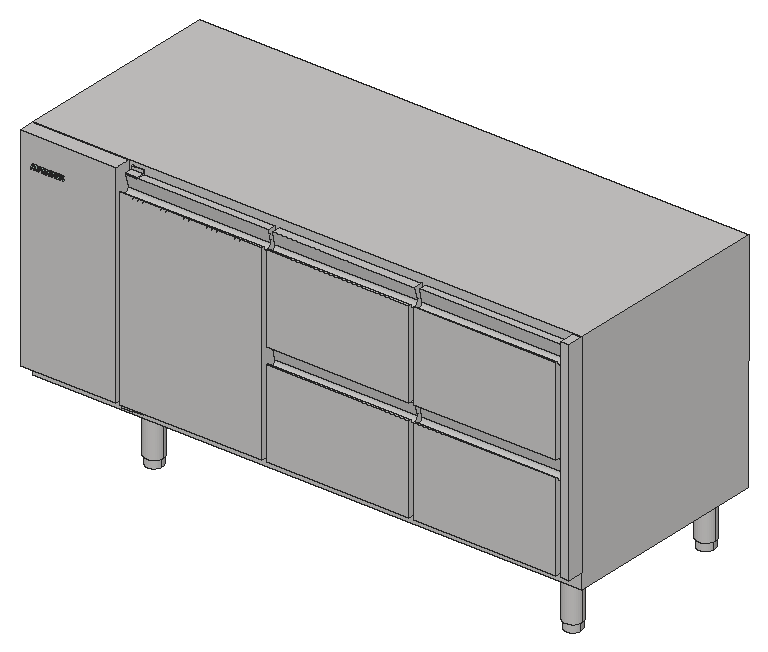
Revit family "QF_ALPENINOX_721060_AK3R7ABB", category Attrezzature speciali, Revit 2018
Family settings
  Quota connettore circolare = Usa diametro
  Tipo di parte = Normale
  Basato su piano di lavoro = No
  Sempre verticale = Sì
  Taglio con vuoti quando caricato = No
  Condiviso = No
  Punto di calcolo locali = No
Parameters (values of type "Standard")
  Weight = 114.00 kg
  Watts = 220 W
  Volts = 220 V
  URL Manufacturer = "http://www.alpeninox.com"
  URL = "http://www.alpeninox.com"
  Steam Supply Size = 0 mm
  Steam Supply Minimum Pressure = 0.0 Pa
  Steam Supply Maximum Pressure = 0.0 Pa
  Steam Consumption per Hour = 0
  Refrigeration Suction Line Size = 0 mm
  Refrigeration Liquid Line Size = 0 mm
  Refrigerant Compressor Remote = yes
  Produttore = "Alpeninox"
  Phase = 1
  Modello = "AK3R7ABB"
  Length Actual = 1695 mm  # constant formula
  Item Number = "721060"
  Hot Water Size = 0 mm
  Height Actual = 850 mm  # constant formula
  HP = "0.3 HP"
  Gas Size = 0 mm
  Gas KW = 0
  Gas Input Pressure = 0 W
  Direct Waste Size = 0 mm
  Descrizione = "1-DOOR AND 4X1/2-DRAWER REFRIGERATED COUNTER, -2+10°C, FULL AISI 304 (R290), WITHOUT WORK TOP"
  Depth Actual = 700 mm  # constant formula
  Cycle = 50 Hz
  Condensate Return Size = 0 mm
  Compressed Air Volume = 0.0 L/s
  Compressed Air Size = 0 mm
  Compressed Air Pressure = 0.0 Pa
  Cold Water Size = 0 mm
  Accessory = yes
Values of the unnamed type that differ from the named types
  Weight = 0.00 kg
  Watts = 0 W
  Volts = 0 V
  URL Manufacturer = ""
  Item Number = ""
  HP = ""
  Cycle = 0 Hz
Reference planes
  plane 1: z = 0
  plane 2 "Center (Left/Right)": x = -126.5
  plane 3 "Center (Front/Back)": y = 64.5
  plane 4 "FEET": z = 150
  plane 5 "TOP": z = 900
  plane 6 "PLAIN": z = 850
  plane 7 "EI_back": y = 103
  plane 8 "EI_left": x = -913
  plane 9 "BACK": y = 412
  plane 10 "FRONT": y = -283
  plane 11 "DOOR": y = -233
  plane 12 "LEFT": x = -974
  plane 13 "RIGHT": x = 721
  plane 14: x = -949
  plane 15: x = 696
Forms (mm)
  Extrusion 1, solid, material "QF_Finishes_Stainless Steel"
    sketch origin (-1022.223, -1524, 150) x (-1, 0, 0) y (0, -1, 0)
      loop
        circle (-109.223, -1627) r 5
    from 0 to -40
  Extrusion 2, solid, material "QF_Finishes_Stainless Steel"
    sketch origin (-1022.223, -1524, 150) x (-1, 0, 0) y (0, -1, 0)
      loop
        line (-1718.223, -1291) -> (-1718.223, -1241) -> (-1743.223, -1241) -> (-1743.223, -1291) -> (-1718.223, -1291)
    from 48 to 700
  Extrusion 3, solid, material "QF_Finishes_Stainless Steel"
    sketch origin (-1022.223, -1524, 150) x (-1, 0, 0) y (0, -1, 0)
      loop
        line (-48.223, -1936) -> (-48.223, -1291) -> (-1743.223, -1291) -> (-1743.223, -1936) -> (-48.223, -1936)
    from 0 to 700
Lines and regions (mm)
  symbolic lines, style "SpecialityEquipmentHiddenLines"
    curve 1: line (-974, 412, 150) -> (721, 412, 150)
    curve 2: line (-974, -283, 150) -> (-974, 412, 150)
    curve 3: line (721, -283, 150) -> (-974, -283, 150)
    curve 4: line (721, 412, 150) -> (721, -283, 150)
    curve 5: line (-974, -233, 150) -> (721, -233, 150)
    curve 6: line (696, -283, 150) -> (696, -233, 150)
Dimensions and locks
  plane 4 "FEET" to level = 150 mm
  plane 11 "DOOR" to plane 10 "FRONT" = 50 mm
  plane 6 "PLAIN" to plane 4 "FEET" = 700 mm
  plane 5 "TOP" to plane 6 "PLAIN" = 50 mm
  plane 12 "LEFT" to plane 14 = 25 mm
  plane 15 to plane 13 "RIGHT" = 25 mm
  plane 9 "BACK" to plane 7 "EI_back" = 309 mm
  plane 12 "LEFT" to plane 8 "EI_left" = 61 mm
  plane 12 "LEFT" to plane 13 "RIGHT" = 1695 mm
  equal spacing: plane 12 "LEFT", plane 2 "Center (Left/Right)", plane 13 "RIGHT"
  plane 9 "BACK" to plane 10 "FRONT" = 695 mm
  equal spacing: plane 9 "BACK", plane 3 "Center (Front/Back)", plane 10 "FRONT"
  aligned and locked: level to plane 1
  aligned and locked: plane 13 "RIGHT" to Extrusion 2
  aligned and locked: Extrusion 2 to plane 15
Automatic sketch dimensions
  Extrusion 1 sketch curve to plane 7 "EI_back" = 0 mm
  Extrusion 1 sketch curve to plane 8 "EI_left" = 0 mm
  Extrusion 2 sketch curve to plane 11 "DOOR" = 0 mm
  Extrusion 2 sketch curve to plane 13 "RIGHT" = 0 mm
  Extrusion 2 sketch curve to plane 10 "FRONT" = 0 mm
  Extrusion 2 sketch curve to plane 15 = 0 mm
  Extrusion 3 sketch curve to plane 9 "BACK" = 0 mm
  Extrusion 3 sketch curve to plane 13 "RIGHT" = 0 mm
  Extrusion 3 sketch curve to plane 11 "DOOR" = 0 mm
  Extrusion 3 sketch curve to plane 12 "LEFT" = 0 mm
  curve 1 to plane 13 "RIGHT" = 0 mm
  curve 6 to plane 10 "FRONT" = 0 mm
  curve 6 to plane 15 = 0 mm
  curve 5 to plane 12 "LEFT" = 0 mm
  curve 6 to plane 11 "DOOR" = 0 mm
  curve 1 to plane 9 "BACK" = 0 mm
  radius of Extrusion 1 sketch curve = 5 mm
Nested families
  nested 1: "HPC_Refrigerator" at (721, -283, 0), type "HPC_Refrigerator"
  nested 2: "HPC_FEET" at (-640, 331, 0), type "HPC_FEET"
  nested 3: "HPC_FEET" at (655, 331, 0), type "HPC_FEET"
  nested 4: "HPC_FEET" at (-640, -183, 0), type "HPC_FEET"
  nested 5: "HPC_FEET" at (655, -183, 0), type "HPC_FEET"
  nested 6: "HPC_APX_BI_TN_L" at (-767.08, -233, 598) x (1, 0, 0) z (0, -1, 0), type "HPC_APX_BI_TN_L"
    with Show Logo yes
  nested 7: "HPC_APX_SD_L" at (-446, -233, 512) x (1, 0, 0) z (0, -1, 0), type "HPC_APX_SD_L"
    with Show Clearance yes
  nested 8: "HPC_APX_HALF" at (8, -233, 512) x (1, 0, 0) z (0, -1, 0), type "HPC_APX_HALF"
    with Show Clearance yes
  nested 9: "HPC_APX_HALF" at (462, -233, 512) x (1, 0, 0) z (0, -1, 0), type "HPC_APX_HALF"
    with Show Clearance yes
Connectors
  electrical at (-913, 103, 110), driven by "Volts"
    settings: on Extrusion 1, index 1, voltage 220 V, apparent load 0 VA, apparent load phase1 0 VA, apparent load phase2 0 VA, apparent load phase3 0 VA, power factor 1, load classification "Other", number of poles 1, system type 31, power factor state 1, is connector primary yes, connector utility no, sub classification motor no, connector description "Electrical Connection"
Definition of nested family "HPC_FEET"
  Parameters
    FEET = 150 mm
  Reference planes
    plane 1 "Center (Front/Back)": y = 0
    plane 2: z = 0
    plane 3 "Center (Left/Right)": x = 0
    plane 4: z = 150
  Forms (mm)
    Revolve 1, solid
      sketch origin (255.05, 0, 608.09) x (0, 0, 1) y (-1, 0, 0)
        loop
          line (-608.09, 255.05) -> (-608.09, 230.05) -> (-583.09, 230.05) -> (-583.09, 226.05) -> (-458.09, 226.05) -> (-458.09, 255.05) -> (-608.09, 255.05)
        axis (-608.09, 255.05) -> (-458.09, 255.05)
      angle from 0 to 360
  Dimensions and locks
    locked: Revolve 1 sketch curve to Revolve 1 sketch curve at 125
    "FEET": plane 4 to plane 2
    aligned and locked: level to plane 2
    aligned and locked: plane 4 to Revolve 1 sketch curve
    aligned and locked: Revolve 1 sketch curve to level
    aligned and locked: plane 3 "Center (Left/Right)" to Revolve 1 sketch curve
  Automatic sketch dimensions
    Revolve 1 sketch curve to plane 3 "Center (Left/Right)" = 0 mm
    Revolve 1 sketch curve to Revolve 1 sketch curve = 25 mm
    Revolve 1 sketch curve to Revolve 1 sketch curve = 29 mm
    plane 4 to Revolve 1 sketch curve = 50 mm
    Revolve 1 sketch curve to Revolve 1 sketch curve = 20 mm
Definition of nested family "HPC_APX_BI_TN_L"
  Parameters
    Show Logo [instance] = yes
    Default Elevation = 1219.2 mm
  Reference planes
    plane 1 "Center (Front/Back)": y = -74
    plane 2: z = 0
    plane 3 "Center (Left/Right)": x = -59.92
    plane 4: x = -206.92
    plane 5: x = 87.08
    plane 6: y = 252
    plane 7: y = -400
  Forms (mm)
    Extrusion 1, solid
      sketch origin (0, 0, 0) x (1, 0, 0) y (0, 1, 0)
        loop
          line (-1219.2, 1219.2) -> (-1219.2, -1219.2) -> (1219.2, -1219.2) -> (1219.2, 1219.2) -> (-1219.2, 1219.2)
      from 0 to -304.8
    Extrusion 2, solid
      sketch origin (0, 0, 0) x (1, 0, 0) y (0, 1, 0)
        loop
          line (-206.92, 252) -> (-206.92, -400) -> (87.08, -400) -> (87.08, 252) -> (-206.92, 252)
      from 0 to 50
    Extrusion 3, solid
      sketch origin (0, 0, 0) x (1, 0, 0) y (0, 1, 0)
        loop
          line (-168.675, 170.349) -> (-172.411, 160.318)
          arc (-172.411, 160.318) -> (-171.624, 158.497) -> (-169.837, 159.36) r 1.374
          line (-169.837, 159.36) -> (-169.268, 161.111) -> (-164.1, 161.111) -> (-163.54, 159.379)
          arc (-163.54, 159.379) -> (-161.802, 158.542) -> (-161.049, 160.318) r 1.333
          line (-161.049, 160.318) -> (-164.694, 170.349)
          arc (-164.694, 170.349) -> (-166.685, 171.876) -> (-168.675, 170.349) r 2.06
        loop
          line (-166.681, 169.055) -> (-168.469, 163.655) -> (-164.935, 163.655) -> (-166.681, 169.055)
        loop
          arc (-159.705, 160.042) -> (-159.262, 158.973) -> (-158.194, 158.531) r 1.512
          line (-158.194, 158.531) -> (-153.608, 158.531)
          arc (-153.608, 158.531) -> (-152.337, 159.802) -> (-153.608, 161.074) r 1.272
          line (-153.608, 161.074) -> (-156.917, 161.074) -> (-156.917, 170.328)
          arc (-156.917, 170.328) -> (-158.311, 171.722) -> (-159.705, 170.328) r 1.394
          line (-159.705, 170.328) -> (-159.705, 160.042)
        loop
          line (-151.076, 170.218) -> (-151.076, 159.859)
          arc (-151.076, 159.859) -> (-149.683, 158.466) -> (-148.29, 159.859) r 1.393
          line (-148.29, 159.859) -> (-148.29, 162.882) -> (-146.225, 162.882)
          arc (-146.225, 162.882) -> (-142.999, 163.859) -> (-141.608, 166.928) r 4.082
          arc (-141.608, 166.928) -> (-142.993, 170.272) -> (-146.336, 171.657) r 4.728
          line (-146.336, 171.657) -> (-149.638, 171.657)
          arc (-149.638, 171.657) -> (-150.655, 171.235) -> (-151.076, 170.218) r 1.439
        loop
          line (-148.29, 165.313) -> (-146.388, 165.313)
          arc (-146.388, 165.313) -> (-144.433, 167.268) -> (-146.388, 169.222) r 1.955
          line (-146.388, 169.222) -> (-148.29, 169.222) -> (-148.29, 165.313)
        loop
          arc (-131.184, 166.332) -> (-132.004, 168.2) -> (-133.767, 169.228) r 3.3
          arc (-133.767, 169.228) -> (-136.353, 168.661) -> (-137.611, 166.332) r 3.176
          line (-137.611, 166.332) -> (-131.184, 166.332)
        loop
          line (-137.538, 163.743) -> (-130.544, 163.743)
          arc (-130.544, 163.743) -> (-129.292, 163.916) -> (-128.301, 164.701) r 2.4
          arc (-128.301, 164.701) -> (-128.155, 165.545) -> (-128.212, 166.399) r 3.635
          arc (-128.212, 166.399) -> (-130.364, 170.162) -> (-134.39, 171.769) r 6.579
          arc (-134.39, 171.769) -> (-138.918, 169.706) -> (-140.661, 165.044) r 6.501
          arc (-140.661, 165.044) -> (-139.276, 160.789) -> (-135.401, 158.549) r 6.252
          arc (-135.401, 158.549) -> (-132.922, 158.526) -> (-130.544, 159.232) r 8.361
          arc (-130.544, 159.232) -> (-129.466, 159.781) -> (-128.641, 160.666) r 3.486
          arc (-128.641, 160.666) -> (-128.419, 161.592) -> (-128.828, 162.451) r 1.425
          arc (-128.828, 162.451) -> (-129.368, 162.762) -> (-129.99, 162.762) r 1.203
          arc (-129.99, 162.762) -> (-130.406, 162.59) -> (-130.764, 162.316) r 1.724
          arc (-130.764, 162.316) -> (-131.666, 161.705) -> (-132.646, 161.229) r 7.6
          arc (-132.646, 161.229) -> (-135.676, 161.35) -> (-137.538, 163.743) r 3.6
        loop
          line (-126.669, 170.328) -> (-126.669, 159.859)
          arc (-126.669, 159.859) -> (-125.273, 158.463) -> (-123.878, 159.859) r 1.396
          line (-123.878, 159.859) -> (-123.878, 166.785) -> (-117.946, 159.029)
          arc (-117.946, 159.029) -> (-116.361, 158.51) -> (-115.379, 159.859) r 1.417
          line (-115.379, 159.859) -> (-115.379, 170.328)
          arc (-115.379, 170.328) -> (-116.774, 171.723) -> (-118.169, 170.328) r 1.395
          line (-118.169, 170.328) -> (-118.169, 163.311) -> (-124.101, 171.157)
          arc (-124.101, 171.157) -> (-125.687, 171.678) -> (-126.669, 170.328) r 1.418
        loop
          arc (-113.636, 159.859) -> (-112.241, 158.464) -> (-110.847, 159.859) r 1.394
          line (-110.847, 159.859) -> (-110.847, 170.328)
          arc (-110.847, 170.328) -> (-112.241, 171.723) -> (-113.636, 170.328) r 1.394
          line (-113.636, 170.328) -> (-113.636, 159.859)
        loop
          line (-109.102, 170.328) -> (-109.102, 159.859)
          arc (-109.102, 159.859) -> (-107.706, 158.463) -> (-106.31, 159.859) r 1.396
          line (-106.31, 159.859) -> (-106.31, 166.785) -> (-100.378, 159.029)
          arc (-100.378, 159.029) -> (-98.793, 158.51) -> (-97.812, 159.859) r 1.417
          line (-97.812, 159.859) -> (-97.812, 170.328)
          arc (-97.812, 170.328) -> (-99.207, 171.723) -> (-100.602, 170.328) r 1.395
          line (-100.602, 170.328) -> (-100.602, 163.311) -> (-106.533, 171.157)
          arc (-106.533, 171.157) -> (-108.119, 171.678) -> (-109.102, 170.328) r 1.418
        loop
          arc (-96.345, 165.093) -> (-95.619, 161.877) -> (-93.467, 159.379) r 6.806
          arc (-93.467, 159.379) -> (-91.792, 158.566) -> (-89.948, 158.31) r 5.956
          arc (-89.948, 158.31) -> (-88.104, 158.566) -> (-86.43, 159.379) r 5.956
          arc (-86.43, 159.379) -> (-84.277, 161.877) -> (-83.551, 165.093) r 6.806
          arc (-83.551, 165.093) -> (-84.277, 168.31) -> (-86.43, 170.808) r 6.806
          arc (-86.43, 170.808) -> (-88.104, 171.621) -> (-89.948, 171.877) r 5.956
          arc (-89.948, 171.877) -> (-91.792, 171.621) -> (-93.467, 170.808) r 5.956
          arc (-93.467, 170.808) -> (-95.619, 168.31) -> (-96.345, 165.093) r 6.806
        loop
          arc (-93.425, 165.093) -> (-93.138, 163.212) -> (-92.081, 161.629) r 4.387
          arc (-92.081, 161.629) -> (-91.087, 161.049) -> (-89.948, 160.881) r 3.035
          arc (-89.948, 160.881) -> (-88.809, 161.049) -> (-87.815, 161.629) r 3.035
          arc (-87.815, 161.629) -> (-86.759, 163.212) -> (-86.472, 165.093) r 4.387
          arc (-86.472, 165.093) -> (-86.759, 166.975) -> (-87.815, 168.558) r 4.387
          arc (-87.815, 168.558) -> (-88.809, 169.138) -> (-89.948, 169.306) r 3.035
          arc (-89.948, 169.306) -> (-91.087, 169.138) -> (-92.081, 168.558) r 3.035
          arc (-92.081, 168.558) -> (-93.138, 166.975) -> (-93.425, 165.093) r 4.387
        loop
          line (-83.139, 169.609) -> (-80.126, 165.552) -> (-83.81, 160.652)
          arc (-83.81, 160.652) -> (-83.512, 158.692) -> (-81.559, 159.029) r 1.388
          line (-81.559, 159.029) -> (-78.51, 163.232) -> (-75.461, 159.029)
          arc (-75.461, 159.029) -> (-73.507, 158.692) -> (-73.21, 160.652) r 1.388
          line (-73.21, 160.652) -> (-76.894, 165.552) -> (-73.881, 169.609)
          arc (-73.881, 169.609) -> (-74.249, 171.597) -> (-76.205, 171.084) r 1.38
          line (-76.205, 171.084) -> (-78.51, 167.841) -> (-80.815, 171.084)
          arc (-80.815, 171.084) -> (-82.771, 171.597) -> (-83.139, 169.609) r 1.38
      from 50 to 51.6
  Lines and regions (mm)
    Split face 1
      outline origin (0, 0, 50) x (1, 0, 0) y (0, 1, 0)
        loop
          line (87.08, 183) -> (-172.92, 183)
          arc (-172.92, 183) -> (-190.42, 165.5) -> (-172.92, 148) r 17.5
          line (-172.92, 148) -> (87.08, 148)
    Split face 2
      outline origin (-38, 0, 50) x (1, 0, 0) y (0, 1, 0)
        loop
          line (-5.42, 177) -> (-5.42, 154) -> (64.58, 154) -> (64.58, 177) -> (-5.42, 177)
    Split face 3
      outline origin (-38, 0, 50) x (1, 0, 0) y (0, 1, 0)
        loop
          line (44.58, 174) -> (44.58, 157) -> (61.58, 157) -> (61.58, 174) -> (44.58, 174)
    Split face 4
      outline origin (0, 0, 50) x (1, 0, 0) y (0, 1, 0)
        loop
          line (-206.92, 188) -> (87.08, 188)
    Split face 5
      outline origin (0, 0, 50) x (1, 0, 0) y (0, 1, 0)
        loop
          arc (-163.464, 131.824) -> (-167.464, 127.824) -> (-163.464, 123.824) r 4
          line (-163.464, 123.824) -> (-121.464, 123.824)
          arc (-121.464, 123.824) -> (-117.464, 127.824) -> (-121.464, 131.824) r 4
          line (-121.464, 131.824) -> (-163.464, 131.824)
    Split face 6
      outline origin (330, 0, 50) x (1, 0, 0) y (0, 1, 0)
        loop
          arc (-328.464, 131.824) -> (-332.464, 127.824) -> (-328.464, 123.824) r 4
          line (-328.464, 123.824) -> (-286.464, 123.824)
          arc (-286.464, 123.824) -> (-282.464, 127.824) -> (-286.464, 131.824) r 4
          line (-286.464, 131.824) -> (-328.464, 131.824)
    Split face 7
      outline origin (110, 0, 50) x (1, 0, 0) y (0, 1, 0)
        loop
          arc (-218.464, 131.824) -> (-222.464, 127.824) -> (-218.464, 123.824) r 4
          line (-218.464, 123.824) -> (-176.464, 123.824)
          arc (-176.464, 123.824) -> (-172.464, 127.824) -> (-176.464, 131.824) r 4
          line (-176.464, 131.824) -> (-218.464, 131.824)
    Split face 8
      outline origin (220, 0, 50) x (1, 0, 0) y (0, 1, 0)
        loop
          arc (-273.464, 131.824) -> (-277.464, 127.824) -> (-273.464, 123.824) r 4
          line (-273.464, 123.824) -> (-231.464, 123.824)
          arc (-231.464, 123.824) -> (-227.464, 127.824) -> (-231.464, 131.824) r 4
          line (-231.464, 131.824) -> (-273.464, 131.824)
    Split face 9
      outline origin (0, -24, 50) x (1, 0, 0) y (0, 1, 0)
        loop
          arc (-163.464, 143.824) -> (-167.464, 139.824) -> (-163.464, 135.824) r 4
          line (-163.464, 135.824) -> (-121.464, 135.824)
          arc (-121.464, 135.824) -> (-117.464, 139.824) -> (-121.464, 143.824) r 4
          line (-121.464, 143.824) -> (-163.464, 143.824)
    Split face 10
      outline origin (330, -24, 50) x (1, 0, 0) y (0, 1, 0)
        loop
          arc (-328.464, 143.824) -> (-332.464, 139.824) -> (-328.464, 135.824) r 4
          line (-328.464, 135.824) -> (-286.464, 135.824)
          arc (-286.464, 135.824) -> (-282.464, 139.824) -> (-286.464, 143.824) r 4
          line (-286.464, 143.824) -> (-328.464, 143.824)
    Split face 11
      outline origin (110, -24, 50) x (1, 0, 0) y (0, 1, 0)
        loop
          arc (-218.464, 143.824) -> (-222.464, 139.824) -> (-218.464, 135.824) r 4
          line (-218.464, 135.824) -> (-176.464, 135.824)
          arc (-176.464, 135.824) -> (-172.464, 139.824) -> (-176.464, 143.824) r 4
          line (-176.464, 143.824) -> (-218.464, 143.824)
    Split face 12
      outline origin (220, -24, 50) x (1, 0, 0) y (0, 1, 0)
        loop
          arc (-273.464, 143.824) -> (-277.464, 139.824) -> (-273.464, 135.824) r 4
          line (-273.464, 135.824) -> (-231.464, 135.824)
          arc (-231.464, 135.824) -> (-227.464, 139.824) -> (-231.464, 143.824) r 4
          line (-231.464, 143.824) -> (-273.464, 143.824)
    Split face 13
      outline origin (0, -48, 50) x (1, 0, 0) y (0, 1, 0)
        loop
          arc (-163.464, 155.824) -> (-167.464, 151.824) -> (-163.464, 147.824) r 4
          line (-163.464, 147.824) -> (-121.464, 147.824)
          arc (-121.464, 147.824) -> (-117.464, 151.824) -> (-121.464, 155.824) r 4
          line (-121.464, 155.824) -> (-163.464, 155.824)
    Split face 14
      outline origin (330, -48, 50) x (1, 0, 0) y (0, 1, 0)
        loop
          arc (-328.464, 155.824) -> (-332.464, 151.824) -> (-328.464, 147.824) r 4
          line (-328.464, 147.824) -> (-286.464, 147.824)
          arc (-286.464, 147.824) -> (-282.464, 151.824) -> (-286.464, 155.824) r 4
          line (-286.464, 155.824) -> (-328.464, 155.824)
    Split face 15
      outline origin (110, -48, 50) x (1, 0, 0) y (0, 1, 0)
        loop
          arc (-218.464, 155.824) -> (-222.464, 151.824) -> (-218.464, 147.824) r 4
          line (-218.464, 147.824) -> (-176.464, 147.824)
          arc (-176.464, 147.824) -> (-172.464, 151.824) -> (-176.464, 155.824) r 4
          line (-176.464, 155.824) -> (-218.464, 155.824)
    Split face 16
      outline origin (220, -48, 50) x (1, 0, 0) y (0, 1, 0)
        loop
          arc (-273.464, 155.824) -> (-277.464, 151.824) -> (-273.464, 147.824) r 4
          line (-273.464, 147.824) -> (-231.464, 147.824)
          arc (-231.464, 147.824) -> (-227.464, 151.824) -> (-231.464, 155.824) r 4
          line (-231.464, 155.824) -> (-273.464, 155.824)
    Split face 17
      outline origin (0, -72, 50) x (1, 0, 0) y (0, 1, 0)
        loop
          arc (-163.464, 167.824) -> (-167.464, 163.824) -> (-163.464, 159.824) r 4
          line (-163.464, 159.824) -> (-121.464, 159.824)
          arc (-121.464, 159.824) -> (-117.464, 163.824) -> (-121.464, 167.824) r 4
          line (-121.464, 167.824) -> (-163.464, 167.824)
    Split face 18
      outline origin (330, -72, 50) x (1, 0, 0) y (0, 1, 0)
        loop
          arc (-328.464, 167.824) -> (-332.464, 163.824) -> (-328.464, 159.824) r 4
          line (-328.464, 159.824) -> (-286.464, 159.824)
          arc (-286.464, 159.824) -> (-282.464, 163.824) -> (-286.464, 167.824) r 4
          line (-286.464, 167.824) -> (-328.464, 167.824)
    Split face 19
      outline origin (110, -72, 50) x (1, 0, 0) y (0, 1, 0)
        loop
          arc (-218.464, 167.824) -> (-222.464, 163.824) -> (-218.464, 159.824) r 4
          line (-218.464, 159.824) -> (-176.464, 159.824)
          arc (-176.464, 159.824) -> (-172.464, 163.824) -> (-176.464, 167.824) r 4
          line (-176.464, 167.824) -> (-218.464, 167.824)
    Split face 20
      outline origin (220, -72, 50) x (1, 0, 0) y (0, 1, 0)
        loop
          arc (-273.464, 167.824) -> (-277.464, 163.824) -> (-273.464, 159.824) r 4
          line (-273.464, 159.824) -> (-231.464, 159.824)
          arc (-231.464, 159.824) -> (-227.464, 163.824) -> (-231.464, 167.824) r 4
          line (-231.464, 167.824) -> (-273.464, 167.824)
    Split face 21
      outline origin (0, -96, 50) x (1, 0, 0) y (0, 1, 0)
        loop
          arc (-163.464, 179.824) -> (-167.464, 175.824) -> (-163.464, 171.824) r 4
          line (-163.464, 171.824) -> (-121.464, 171.824)
          arc (-121.464, 171.824) -> (-117.464, 175.824) -> (-121.464, 179.824) r 4
          line (-121.464, 179.824) -> (-163.464, 179.824)
    Split face 22
      outline origin (330, -96, 50) x (1, 0, 0) y (0, 1, 0)
        loop
          arc (-328.464, 179.824) -> (-332.464, 175.824) -> (-328.464, 171.824) r 4
          line (-328.464, 171.824) -> (-286.464, 171.824)
          arc (-286.464, 171.824) -> (-282.464, 175.824) -> (-286.464, 179.824) r 4
          line (-286.464, 179.824) -> (-328.464, 179.824)
    Split face 23
      outline origin (110, -96, 50) x (1, 0, 0) y (0, 1, 0)
        loop
          arc (-218.464, 179.824) -> (-222.464, 175.824) -> (-218.464, 171.824) r 4
          line (-218.464, 171.824) -> (-176.464, 171.824)
          arc (-176.464, 171.824) -> (-172.464, 175.824) -> (-176.464, 179.824) r 4
          line (-176.464, 179.824) -> (-218.464, 179.824)
    Split face 24
      outline origin (220, -96, 50) x (1, 0, 0) y (0, 1, 0)
        loop
          arc (-273.464, 179.824) -> (-277.464, 175.824) -> (-273.464, 171.824) r 4
          line (-273.464, 171.824) -> (-231.464, 171.824)
          arc (-231.464, 171.824) -> (-227.464, 175.824) -> (-231.464, 179.824) r 4
          line (-231.464, 179.824) -> (-273.464, 179.824)
    Split face 25
      outline origin (0, -120, 50) x (1, 0, 0) y (0, 1, 0)
        loop
          arc (-163.464, 191.824) -> (-167.464, 187.824) -> (-163.464, 183.824) r 4
          line (-163.464, 183.824) -> (-121.464, 183.824)
          arc (-121.464, 183.824) -> (-117.464, 187.824) -> (-121.464, 191.824) r 4
          line (-121.464, 191.824) -> (-163.464, 191.824)
    Split face 26
      outline origin (330, -120, 50) x (1, 0, 0) y (0, 1, 0)
        loop
          arc (-328.464, 191.824) -> (-332.464, 187.824) -> (-328.464, 183.824) r 4
          line (-328.464, 183.824) -> (-286.464, 183.824)
          arc (-286.464, 183.824) -> (-282.464, 187.824) -> (-286.464, 191.824) r 4
          line (-286.464, 191.824) -> (-328.464, 191.824)
    Split face 27
      outline origin (110, -120, 50) x (1, 0, 0) y (0, 1, 0)
        loop
          arc (-218.464, 191.824) -> (-222.464, 187.824) -> (-218.464, 183.824) r 4
          line (-218.464, 183.824) -> (-176.464, 183.824)
          arc (-176.464, 183.824) -> (-172.464, 187.824) -> (-176.464, 191.824) r 4
          line (-176.464, 191.824) -> (-218.464, 191.824)
    Split face 28
      outline origin (220, -120, 50) x (1, 0, 0) y (0, 1, 0)
        loop
          arc (-273.464, 191.824) -> (-277.464, 187.824) -> (-273.464, 183.824) r 4
          line (-273.464, 183.824) -> (-231.464, 183.824)
          arc (-231.464, 183.824) -> (-227.464, 187.824) -> (-231.464, 191.824) r 4
          line (-231.464, 191.824) -> (-273.464, 191.824)
    Split face 29
      outline origin (0, -144, 50) x (1, 0, 0) y (0, 1, 0)
        loop
          arc (-163.464, 203.824) -> (-167.464, 199.824) -> (-163.464, 195.824) r 4
          line (-163.464, 195.824) -> (-121.464, 195.824)
          arc (-121.464, 195.824) -> (-117.464, 199.824) -> (-121.464, 203.824) r 4
          line (-121.464, 203.824) -> (-163.464, 203.824)
    Split face 30
      outline origin (330, -144, 50) x (1, 0, 0) y (0, 1, 0)
        loop
          arc (-328.464, 203.824) -> (-332.464, 199.824) -> (-328.464, 195.824) r 4
          line (-328.464, 195.824) -> (-286.464, 195.824)
          arc (-286.464, 195.824) -> (-282.464, 199.824) -> (-286.464, 203.824) r 4
          line (-286.464, 203.824) -> (-328.464, 203.824)
    Split face 31
      outline origin (110, -144, 50) x (1, 0, 0) y (0, 1, 0)
        loop
          arc (-218.464, 203.824) -> (-222.464, 199.824) -> (-218.464, 195.824) r 4
          line (-218.464, 195.824) -> (-176.464, 195.824)
          arc (-176.464, 195.824) -> (-172.464, 199.824) -> (-176.464, 203.824) r 4
          line (-176.464, 203.824) -> (-218.464, 203.824)
    Split face 32
      outline origin (220, -144, 50) x (1, 0, 0) y (0, 1, 0)
        loop
          arc (-273.464, 203.824) -> (-277.464, 199.824) -> (-273.464, 195.824) r 4
          line (-273.464, 195.824) -> (-231.464, 195.824)
          arc (-231.464, 195.824) -> (-227.464, 199.824) -> (-231.464, 203.824) r 4
          line (-231.464, 203.824) -> (-273.464, 203.824)
    Split face 33
      outline origin (0, -168, 50) x (1, 0, 0) y (0, 1, 0)
        loop
          arc (-163.464, 215.824) -> (-167.464, 211.824) -> (-163.464, 207.824) r 4
          line (-163.464, 207.824) -> (-121.464, 207.824)
          arc (-121.464, 207.824) -> (-117.464, 211.824) -> (-121.464, 215.824) r 4
          line (-121.464, 215.824) -> (-163.464, 215.824)
    Split face 34
      outline origin (330, -168, 50) x (1, 0, 0) y (0, 1, 0)
        loop
          arc (-328.464, 215.824) -> (-332.464, 211.824) -> (-328.464, 207.824) r 4
          line (-328.464, 207.824) -> (-286.464, 207.824)
          arc (-286.464, 207.824) -> (-282.464, 211.824) -> (-286.464, 215.824) r 4
          line (-286.464, 215.824) -> (-328.464, 215.824)
    Split face 35
      outline origin (110, -168, 50) x (1, 0, 0) y (0, 1, 0)
        loop
          arc (-218.464, 215.824) -> (-222.464, 211.824) -> (-218.464, 207.824) r 4
          line (-218.464, 207.824) -> (-176.464, 207.824)
          arc (-176.464, 207.824) -> (-172.464, 211.824) -> (-176.464, 215.824) r 4
          line (-176.464, 215.824) -> (-218.464, 215.824)
    Split face 36
      outline origin (220, -168, 50) x (1, 0, 0) y (0, 1, 0)
        loop
          arc (-273.464, 215.824) -> (-277.464, 211.824) -> (-273.464, 207.824) r 4
          line (-273.464, 207.824) -> (-231.464, 207.824)
          arc (-231.464, 207.824) -> (-227.464, 211.824) -> (-231.464, 215.824) r 4
          line (-231.464, 215.824) -> (-273.464, 215.824)
    Split face 37
      outline origin (0, -192, 50) x (1, 0, 0) y (0, 1, 0)
        loop
          arc (-163.464, 227.824) -> (-167.464, 223.824) -> (-163.464, 219.824) r 4
          line (-163.464, 219.824) -> (-121.464, 219.824)
          arc (-121.464, 219.824) -> (-117.464, 223.824) -> (-121.464, 227.824) r 4
          line (-121.464, 227.824) -> (-163.464, 227.824)
    Split face 38
      outline origin (330, -192, 50) x (1, 0, 0) y (0, 1, 0)
        loop
          arc (-328.464, 227.824) -> (-332.464, 223.824) -> (-328.464, 219.824) r 4
          line (-328.464, 219.824) -> (-286.464, 219.824)
          arc (-286.464, 219.824) -> (-282.464, 223.824) -> (-286.464, 227.824) r 4
          line (-286.464, 227.824) -> (-328.464, 227.824)
    Split face 39
      outline origin (110, -192, 50) x (1, 0, 0) y (0, 1, 0)
        loop
          arc (-218.464, 227.824) -> (-222.464, 223.824) -> (-218.464, 219.824) r 4
          line (-218.464, 219.824) -> (-176.464, 219.824)
          arc (-176.464, 219.824) -> (-172.464, 223.824) -> (-176.464, 227.824) r 4
          line (-176.464, 227.824) -> (-218.464, 227.824)
    Split face 40
      outline origin (220, -192, 50) x (1, 0, 0) y (0, 1, 0)
        loop
          arc (-273.464, 227.824) -> (-277.464, 223.824) -> (-273.464, 219.824) r 4
          line (-273.464, 219.824) -> (-231.464, 219.824)
          arc (-231.464, 219.824) -> (-227.464, 223.824) -> (-231.464, 227.824) r 4
          line (-231.464, 227.824) -> (-273.464, 227.824)
    Split face 41
      outline origin (0, -216, 50) x (1, 0, 0) y (0, 1, 0)
        loop
          arc (-163.464, 239.824) -> (-167.464, 235.824) -> (-163.464, 231.824) r 4
          line (-163.464, 231.824) -> (-121.464, 231.824)
          arc (-121.464, 231.824) -> (-117.464, 235.824) -> (-121.464, 239.824) r 4
          line (-121.464, 239.824) -> (-163.464, 239.824)
    Split face 42
      outline origin (330, -216, 50) x (1, 0, 0) y (0, 1, 0)
        loop
          arc (-328.464, 239.824) -> (-332.464, 235.824) -> (-328.464, 231.824) r 4
          line (-328.464, 231.824) -> (-286.464, 231.824)
          arc (-286.464, 231.824) -> (-282.464, 235.824) -> (-286.464, 239.824) r 4
          line (-286.464, 239.824) -> (-328.464, 239.824)
    Split face 43
      outline origin (110, -216, 50) x (1, 0, 0) y (0, 1, 0)
        loop
          arc (-218.464, 239.824) -> (-222.464, 235.824) -> (-218.464, 231.824) r 4
          line (-218.464, 231.824) -> (-176.464, 231.824)
          arc (-176.464, 231.824) -> (-172.464, 235.824) -> (-176.464, 239.824) r 4
          line (-176.464, 239.824) -> (-218.464, 239.824)
    Split face 44
      outline origin (220, -216, 50) x (1, 0, 0) y (0, 1, 0)
        loop
          arc (-273.464, 239.824) -> (-277.464, 235.824) -> (-273.464, 231.824) r 4
          line (-273.464, 231.824) -> (-231.464, 231.824)
          arc (-231.464, 231.824) -> (-227.464, 235.824) -> (-231.464, 239.824) r 4
          line (-231.464, 239.824) -> (-273.464, 239.824)
    Split face 45
      outline origin (0, -240, 50) x (1, 0, 0) y (0, 1, 0)
        loop
          arc (-163.464, 251.824) -> (-167.464, 247.824) -> (-163.464, 243.824) r 4
          line (-163.464, 243.824) -> (-121.464, 243.824)
          arc (-121.464, 243.824) -> (-117.464, 247.824) -> (-121.464, 251.824) r 4
          line (-121.464, 251.824) -> (-163.464, 251.824)
    Split face 46
      outline origin (330, -240, 50) x (1, 0, 0) y (0, 1, 0)
        loop
          arc (-328.464, 251.824) -> (-332.464, 247.824) -> (-328.464, 243.824) r 4
          line (-328.464, 243.824) -> (-286.464, 243.824)
          arc (-286.464, 243.824) -> (-282.464, 247.824) -> (-286.464, 251.824) r 4
          line (-286.464, 251.824) -> (-328.464, 251.824)
    Split face 47
      outline origin (110, -240, 50) x (1, 0, 0) y (0, 1, 0)
        loop
          arc (-218.464, 251.824) -> (-222.464, 247.824) -> (-218.464, 243.824) r 4
          line (-218.464, 243.824) -> (-176.464, 243.824)
          arc (-176.464, 243.824) -> (-172.464, 247.824) -> (-176.464, 251.824) r 4
          line (-176.464, 251.824) -> (-218.464, 251.824)
    Split face 48
      outline origin (220, -240, 50) x (1, 0, 0) y (0, 1, 0)
        loop
          arc (-273.464, 251.824) -> (-277.464, 247.824) -> (-273.464, 243.824) r 4
          line (-273.464, 243.824) -> (-231.464, 243.824)
          arc (-231.464, 243.824) -> (-227.464, 247.824) -> (-231.464, 251.824) r 4
          line (-231.464, 251.824) -> (-273.464, 251.824)
    Split face 49
      outline origin (0, -264, 50) x (1, 0, 0) y (0, 1, 0)
        loop
          arc (-163.464, 263.824) -> (-167.464, 259.824) -> (-163.464, 255.824) r 4
          line (-163.464, 255.824) -> (-121.464, 255.824)
          arc (-121.464, 255.824) -> (-117.464, 259.824) -> (-121.464, 263.824) r 4
          line (-121.464, 263.824) -> (-163.464, 263.824)
    Split face 50
      outline origin (330, -264, 50) x (1, 0, 0) y (0, 1, 0)
        loop
          arc (-328.464, 263.824) -> (-332.464, 259.824) -> (-328.464, 255.824) r 4
          line (-328.464, 255.824) -> (-286.464, 255.824)
          arc (-286.464, 255.824) -> (-282.464, 259.824) -> (-286.464, 263.824) r 4
          line (-286.464, 263.824) -> (-328.464, 263.824)
    Split face 51
      outline origin (110, -264, 50) x (1, 0, 0) y (0, 1, 0)
        loop
          arc (-218.464, 263.824) -> (-222.464, 259.824) -> (-218.464, 255.824) r 4
          line (-218.464, 255.824) -> (-176.464, 255.824)
          arc (-176.464, 255.824) -> (-172.464, 259.824) -> (-176.464, 263.824) r 4
          line (-176.464, 263.824) -> (-218.464, 263.824)
    Split face 52
      outline origin (220, -264, 50) x (1, 0, 0) y (0, 1, 0)
        loop
          arc (-273.464, 263.824) -> (-277.464, 259.824) -> (-273.464, 255.824) r 4
          line (-273.464, 255.824) -> (-231.464, 255.824)
          arc (-231.464, 255.824) -> (-227.464, 259.824) -> (-231.464, 263.824) r 4
          line (-231.464, 263.824) -> (-273.464, 263.824)
    Split face 53
      outline origin (0, -288, 50) x (1, 0, 0) y (0, 1, 0)
        loop
          arc (-163.464, 275.824) -> (-167.464, 271.824) -> (-163.464, 267.824) r 4
          line (-163.464, 267.824) -> (-121.464, 267.824)
          arc (-121.464, 267.824) -> (-117.464, 271.824) -> (-121.464, 275.824) r 4
          line (-121.464, 275.824) -> (-163.464, 275.824)
    Split face 54
      outline origin (330, -288, 50) x (1, 0, 0) y (0, 1, 0)
        loop
          arc (-328.464, 275.824) -> (-332.464, 271.824) -> (-328.464, 267.824) r 4
          line (-328.464, 267.824) -> (-286.464, 267.824)
          arc (-286.464, 267.824) -> (-282.464, 271.824) -> (-286.464, 275.824) r 4
          line (-286.464, 275.824) -> (-328.464, 275.824)
    Split face 55
      outline origin (110, -288, 50) x (1, 0, 0) y (0, 1, 0)
        loop
          arc (-218.464, 275.824) -> (-222.464, 271.824) -> (-218.464, 267.824) r 4
          line (-218.464, 267.824) -> (-176.464, 267.824)
          arc (-176.464, 267.824) -> (-172.464, 271.824) -> (-176.464, 275.824) r 4
          line (-176.464, 275.824) -> (-218.464, 275.824)
    Split face 56
      outline origin (220, -288, 50) x (1, 0, 0) y (0, 1, 0)
        loop
          arc (-273.464, 275.824) -> (-277.464, 271.824) -> (-273.464, 267.824) r 4
          line (-273.464, 267.824) -> (-231.464, 267.824)
          arc (-231.464, 267.824) -> (-227.464, 271.824) -> (-231.464, 275.824) r 4
          line (-231.464, 275.824) -> (-273.464, 275.824)
    Split face 57
      outline origin (0, -312, 50) x (1, 0, 0) y (0, 1, 0)
        loop
          arc (-163.464, 287.824) -> (-167.464, 283.824) -> (-163.464, 279.824) r 4
          line (-163.464, 279.824) -> (-121.464, 279.824)
          arc (-121.464, 279.824) -> (-117.464, 283.824) -> (-121.464, 287.824) r 4
          line (-121.464, 287.824) -> (-163.464, 287.824)
    Split face 58
      outline origin (330, -312, 50) x (1, 0, 0) y (0, 1, 0)
        loop
          arc (-328.464, 287.824) -> (-332.464, 283.824) -> (-328.464, 279.824) r 4
          line (-328.464, 279.824) -> (-286.464, 279.824)
          arc (-286.464, 279.824) -> (-282.464, 283.824) -> (-286.464, 287.824) r 4
          line (-286.464, 287.824) -> (-328.464, 287.824)
    Split face 59
      outline origin (110, -312, 50) x (1, 0, 0) y (0, 1, 0)
        loop
          arc (-218.464, 287.824) -> (-222.464, 283.824) -> (-218.464, 279.824) r 4
          line (-218.464, 279.824) -> (-176.464, 279.824)
          arc (-176.464, 279.824) -> (-172.464, 283.824) -> (-176.464, 287.824) r 4
          line (-176.464, 287.824) -> (-218.464, 287.824)
    Split face 60
      outline origin (220, -312, 50) x (1, 0, 0) y (0, 1, 0)
        loop
          arc (-273.464, 287.824) -> (-277.464, 283.824) -> (-273.464, 279.824) r 4
          line (-273.464, 279.824) -> (-231.464, 279.824)
          arc (-231.464, 279.824) -> (-227.464, 283.824) -> (-231.464, 287.824) r 4
          line (-231.464, 287.824) -> (-273.464, 287.824)
    Split face 61
      outline origin (0, -336, 50) x (1, 0, 0) y (0, 1, 0)
        loop
          arc (-163.464, 299.824) -> (-167.464, 295.824) -> (-163.464, 291.824) r 4
          line (-163.464, 291.824) -> (-121.464, 291.824)
          arc (-121.464, 291.824) -> (-117.464, 295.824) -> (-121.464, 299.824) r 4
          line (-121.464, 299.824) -> (-163.464, 299.824)
    Split face 62
      outline origin (330, -336, 50) x (1, 0, 0) y (0, 1, 0)
        loop
          arc (-328.464, 299.824) -> (-332.464, 295.824) -> (-328.464, 291.824) r 4
          line (-328.464, 291.824) -> (-286.464, 291.824)
          arc (-286.464, 291.824) -> (-282.464, 295.824) -> (-286.464, 299.824) r 4
          line (-286.464, 299.824) -> (-328.464, 299.824)
    Split face 63
      outline origin (110, -336, 50) x (1, 0, 0) y (0, 1, 0)
        loop
          arc (-218.464, 299.824) -> (-222.464, 295.824) -> (-218.464, 291.824) r 4
          line (-218.464, 291.824) -> (-176.464, 291.824)
          arc (-176.464, 291.824) -> (-172.464, 295.824) -> (-176.464, 299.824) r 4
          line (-176.464, 299.824) -> (-218.464, 299.824)
    Split face 64
      outline origin (220, -336, 50) x (1, 0, 0) y (0, 1, 0)
        loop
          arc (-273.464, 299.824) -> (-277.464, 295.824) -> (-273.464, 291.824) r 4
          line (-273.464, 291.824) -> (-231.464, 291.824)
          arc (-231.464, 291.824) -> (-227.464, 295.824) -> (-231.464, 299.824) r 4
          line (-231.464, 299.824) -> (-273.464, 299.824)
    Split face 65
      outline origin (0, -360, 50) x (1, 0, 0) y (0, 1, 0)
        loop
          arc (-163.464, 311.824) -> (-167.464, 307.824) -> (-163.464, 303.824) r 4
          line (-163.464, 303.824) -> (-121.464, 303.824)
          arc (-121.464, 303.824) -> (-117.464, 307.824) -> (-121.464, 311.824) r 4
          line (-121.464, 311.824) -> (-163.464, 311.824)
    Split face 66
      outline origin (330, -360, 50) x (1, 0, 0) y (0, 1, 0)
        loop
          arc (-328.464, 311.824) -> (-332.464, 307.824) -> (-328.464, 303.824) r 4
          line (-328.464, 303.824) -> (-286.464, 303.824)
          arc (-286.464, 303.824) -> (-282.464, 307.824) -> (-286.464, 311.824) r 4
          line (-286.464, 311.824) -> (-328.464, 311.824)
    Split face 67
      outline origin (110, -360, 50) x (1, 0, 0) y (0, 1, 0)
        loop
          arc (-218.464, 311.824) -> (-222.464, 307.824) -> (-218.464, 303.824) r 4
          line (-218.464, 303.824) -> (-176.464, 303.824)
          arc (-176.464, 303.824) -> (-172.464, 307.824) -> (-176.464, 311.824) r 4
          line (-176.464, 311.824) -> (-218.464, 311.824)
    Split face 68
      outline origin (220, -360, 50) x (1, 0, 0) y (0, 1, 0)
        loop
          arc (-273.464, 311.824) -> (-277.464, 307.824) -> (-273.464, 303.824) r 4
          line (-273.464, 303.824) -> (-231.464, 303.824)
          arc (-231.464, 303.824) -> (-227.464, 307.824) -> (-231.464, 311.824) r 4
          line (-231.464, 311.824) -> (-273.464, 311.824)
    Split face 69
      outline origin (0, 0, 50) x (1, 0, 0) y (0, 1, 0)
        loop
          line (-206.92, 143) -> (87.08, 143)
    Split face 70
      outline origin (0, -663.3, 50) x (1, 0, 0) y (0, 1, 0)
        loop
          arc (-163.464, 463.474) -> (-167.464, 459.474) -> (-163.464, 455.474) r 4
          line (-163.464, 455.474) -> (-121.464, 455.474)
          arc (-121.464, 455.474) -> (-117.464, 459.474) -> (-121.464, 463.474) r 4
          line (-121.464, 463.474) -> (-163.464, 463.474)
    Split face 71
      outline origin (330, -663.3, 50) x (1, 0, 0) y (0, 1, 0)
        loop
          arc (-328.464, 463.474) -> (-332.464, 459.474) -> (-328.464, 455.474) r 4
          line (-328.464, 455.474) -> (-286.464, 455.474)
          arc (-286.464, 455.474) -> (-282.464, 459.474) -> (-286.464, 463.474) r 4
          line (-286.464, 463.474) -> (-328.464, 463.474)
    Split face 72
      outline origin (110, -663.3, 50) x (1, 0, 0) y (0, 1, 0)
        loop
          arc (-218.464, 463.474) -> (-222.464, 459.474) -> (-218.464, 455.474) r 4
          line (-218.464, 455.474) -> (-176.464, 455.474)
          arc (-176.464, 455.474) -> (-172.464, 459.474) -> (-176.464, 463.474) r 4
          line (-176.464, 463.474) -> (-218.464, 463.474)
    Split face 73
      outline origin (220, -663.3, 50) x (1, 0, 0) y (0, 1, 0)
        loop
          arc (-273.464, 463.474) -> (-277.464, 459.474) -> (-273.464, 455.474) r 4
          line (-273.464, 455.474) -> (-231.464, 455.474)
          arc (-231.464, 455.474) -> (-227.464, 459.474) -> (-231.464, 463.474) r 4
          line (-231.464, 463.474) -> (-273.464, 463.474)
    Split face 74
      outline origin (0, -687.3, 50) x (1, 0, 0) y (0, 1, 0)
        loop
          arc (-163.464, 475.474) -> (-167.464, 471.474) -> (-163.464, 467.474) r 4
          line (-163.464, 467.474) -> (-121.464, 467.474)
          arc (-121.464, 467.474) -> (-117.464, 471.474) -> (-121.464, 475.474) r 4
          line (-121.464, 475.474) -> (-163.464, 475.474)
    Split face 75
      outline origin (330, -687.3, 50) x (1, 0, 0) y (0, 1, 0)
        loop
          arc (-328.464, 475.474) -> (-332.464, 471.474) -> (-328.464, 467.474) r 4
          line (-328.464, 467.474) -> (-286.464, 467.474)
          arc (-286.464, 467.474) -> (-282.464, 471.474) -> (-286.464, 475.474) r 4
          line (-286.464, 475.474) -> (-328.464, 475.474)
    Split face 76
      outline origin (110, -687.3, 50) x (1, 0, 0) y (0, 1, 0)
        loop
          arc (-218.464, 475.474) -> (-222.464, 471.474) -> (-218.464, 467.474) r 4
          line (-218.464, 467.474) -> (-176.464, 467.474)
          arc (-176.464, 467.474) -> (-172.464, 471.474) -> (-176.464, 475.474) r 4
          line (-176.464, 475.474) -> (-218.464, 475.474)
    Split face 77
      outline origin (220, -687.3, 50) x (1, 0, 0) y (0, 1, 0)
        loop
          arc (-273.464, 475.474) -> (-277.464, 471.474) -> (-273.464, 467.474) r 4
          line (-273.464, 467.474) -> (-231.464, 467.474)
          arc (-231.464, 467.474) -> (-227.464, 471.474) -> (-231.464, 475.474) r 4
          line (-231.464, 475.474) -> (-273.464, 475.474)
    Split face 78
      outline origin (0, -711.3, 50) x (1, 0, 0) y (0, 1, 0)
        loop
          arc (-163.464, 487.474) -> (-167.464, 483.474) -> (-163.464, 479.474) r 4
          line (-163.464, 479.474) -> (-121.464, 479.474)
          arc (-121.464, 479.474) -> (-117.464, 483.474) -> (-121.464, 487.474) r 4
          line (-121.464, 487.474) -> (-163.464, 487.474)
    Split face 79
      outline origin (330, -711.3, 50) x (1, 0, 0) y (0, 1, 0)
        loop
          arc (-328.464, 487.474) -> (-332.464, 483.474) -> (-328.464, 479.474) r 4
          line (-328.464, 479.474) -> (-286.464, 479.474)
          arc (-286.464, 479.474) -> (-282.464, 483.474) -> (-286.464, 487.474) r 4
          line (-286.464, 487.474) -> (-328.464, 487.474)
    Split face 80
      outline origin (110, -711.3, 50) x (1, 0, 0) y (0, 1, 0)
        loop
          arc (-218.464, 487.474) -> (-222.464, 483.474) -> (-218.464, 479.474) r 4
          line (-218.464, 479.474) -> (-176.464, 479.474)
          arc (-176.464, 479.474) -> (-172.464, 483.474) -> (-176.464, 487.474) r 4
          line (-176.464, 487.474) -> (-218.464, 487.474)
    Split face 81
      outline origin (220, -711.3, 50) x (1, 0, 0) y (0, 1, 0)
        loop
          arc (-273.464, 487.474) -> (-277.464, 483.474) -> (-273.464, 479.474) r 4
          line (-273.464, 479.474) -> (-231.464, 479.474)
          arc (-231.464, 479.474) -> (-227.464, 483.474) -> (-231.464, 487.474) r 4
          line (-231.464, 487.474) -> (-273.464, 487.474)
    Split face 82
      outline origin (0, -735.3, 50) x (1, 0, 0) y (0, 1, 0)
        loop
          arc (-163.464, 499.474) -> (-167.464, 495.474) -> (-163.464, 491.474) r 4
          line (-163.464, 491.474) -> (-121.464, 491.474)
          arc (-121.464, 491.474) -> (-117.464, 495.474) -> (-121.464, 499.474) r 4
          line (-121.464, 499.474) -> (-163.464, 499.474)
    Split face 83
      outline origin (330, -735.3, 50) x (1, 0, 0) y (0, 1, 0)
        loop
          arc (-328.464, 499.474) -> (-332.464, 495.474) -> (-328.464, 491.474) r 4
          line (-328.464, 491.474) -> (-286.464, 491.474)
          arc (-286.464, 491.474) -> (-282.464, 495.474) -> (-286.464, 499.474) r 4
          line (-286.464, 499.474) -> (-328.464, 499.474)
    Split face 84
      outline origin (110, -735.3, 50) x (1, 0, 0) y (0, 1, 0)
        loop
          arc (-218.464, 499.474) -> (-222.464, 495.474) -> (-218.464, 491.474) r 4
          line (-218.464, 491.474) -> (-176.464, 491.474)
          arc (-176.464, 491.474) -> (-172.464, 495.474) -> (-176.464, 499.474) r 4
          line (-176.464, 499.474) -> (-218.464, 499.474)
    Split face 85
      outline origin (220, -735.3, 50) x (1, 0, 0) y (0, 1, 0)
        loop
          arc (-273.464, 499.474) -> (-277.464, 495.474) -> (-273.464, 491.474) r 4
          line (-273.464, 491.474) -> (-231.464, 491.474)
          arc (-231.464, 491.474) -> (-227.464, 495.474) -> (-231.464, 499.474) r 4
          line (-231.464, 499.474) -> (-273.464, 499.474)
    Split face 86
      outline origin (0, -759.3, 50) x (1, 0, 0) y (0, 1, 0)
        loop
          arc (-163.464, 511.474) -> (-167.464, 507.474) -> (-163.464, 503.474) r 4
          line (-163.464, 503.474) -> (-121.464, 503.474)
          arc (-121.464, 503.474) -> (-117.464, 507.474) -> (-121.464, 511.474) r 4
          line (-121.464, 511.474) -> (-163.464, 511.474)
    Split face 87
      outline origin (330, -759.3, 50) x (1, 0, 0) y (0, 1, 0)
        loop
          arc (-328.464, 511.474) -> (-332.464, 507.474) -> (-328.464, 503.474) r 4
          line (-328.464, 503.474) -> (-286.464, 503.474)
          arc (-286.464, 503.474) -> (-282.464, 507.474) -> (-286.464, 511.474) r 4
          line (-286.464, 511.474) -> (-328.464, 511.474)
    Split face 88
      outline origin (110, -759.3, 50) x (1, 0, 0) y (0, 1, 0)
        loop
          arc (-218.464, 511.474) -> (-222.464, 507.474) -> (-218.464, 503.474) r 4
          line (-218.464, 503.474) -> (-176.464, 503.474)
          arc (-176.464, 503.474) -> (-172.464, 507.474) -> (-176.464, 511.474) r 4
          line (-176.464, 511.474) -> (-218.464, 511.474)
    Split face 89
      outline origin (220, -759.3, 50) x (1, 0, 0) y (0, 1, 0)
        loop
          arc (-273.464, 511.474) -> (-277.464, 507.474) -> (-273.464, 503.474) r 4
          line (-273.464, 503.474) -> (-231.464, 503.474)
          arc (-231.464, 503.474) -> (-227.464, 507.474) -> (-231.464, 511.474) r 4
          line (-231.464, 511.474) -> (-273.464, 511.474)
    Split face 90
      outline origin (0, -783.3, 50) x (1, 0, 0) y (0, 1, 0)
        loop
          arc (-163.464, 523.474) -> (-167.464, 519.474) -> (-163.464, 515.474) r 4
          line (-163.464, 515.474) -> (-121.464, 515.474)
          arc (-121.464, 515.474) -> (-117.464, 519.474) -> (-121.464, 523.474) r 4
          line (-121.464, 523.474) -> (-163.464, 523.474)
    Split face 91
      outline origin (330, -783.3, 50) x (1, 0, 0) y (0, 1, 0)
        loop
          arc (-328.464, 523.474) -> (-332.464, 519.474) -> (-328.464, 515.474) r 4
          line (-328.464, 515.474) -> (-286.464, 515.474)
          arc (-286.464, 515.474) -> (-282.464, 519.474) -> (-286.464, 523.474) r 4
          line (-286.464, 523.474) -> (-328.464, 523.474)
    Split face 92
      outline origin (110, -783.3, 50) x (1, 0, 0) y (0, 1, 0)
        loop
          arc (-218.464, 523.474) -> (-222.464, 519.474) -> (-218.464, 515.474) r 4
          line (-218.464, 515.474) -> (-176.464, 515.474)
          arc (-176.464, 515.474) -> (-172.464, 519.474) -> (-176.464, 523.474) r 4
          line (-176.464, 523.474) -> (-218.464, 523.474)
    Split face 93
      outline origin (220, -783.3, 50) x (1, 0, 0) y (0, 1, 0)
        loop
          arc (-273.464, 523.474) -> (-277.464, 519.474) -> (-273.464, 515.474) r 4
          line (-273.464, 515.474) -> (-231.464, 515.474)
          arc (-231.464, 515.474) -> (-227.464, 519.474) -> (-231.464, 523.474) r 4
          line (-231.464, 523.474) -> (-273.464, 523.474)
    Split face 94
      outline origin (0, -807.3, 50) x (1, 0, 0) y (0, 1, 0)
        loop
          arc (-163.464, 535.474) -> (-167.464, 531.474) -> (-163.464, 527.474) r 4
          line (-163.464, 527.474) -> (-121.464, 527.474)
          arc (-121.464, 527.474) -> (-117.464, 531.474) -> (-121.464, 535.474) r 4
          line (-121.464, 535.474) -> (-163.464, 535.474)
    Split face 95
      outline origin (330, -807.3, 50) x (1, 0, 0) y (0, 1, 0)
        loop
          arc (-328.464, 535.474) -> (-332.464, 531.474) -> (-328.464, 527.474) r 4
          line (-328.464, 527.474) -> (-286.464, 527.474)
          arc (-286.464, 527.474) -> (-282.464, 531.474) -> (-286.464, 535.474) r 4
          line (-286.464, 535.474) -> (-328.464, 535.474)
    Split face 96
      outline origin (110, -807.3, 50) x (1, 0, 0) y (0, 1, 0)
        loop
          arc (-218.464, 535.474) -> (-222.464, 531.474) -> (-218.464, 527.474) r 4
          line (-218.464, 527.474) -> (-176.464, 527.474)
          arc (-176.464, 527.474) -> (-172.464, 531.474) -> (-176.464, 535.474) r 4
          line (-176.464, 535.474) -> (-218.464, 535.474)
    Split face 97
      outline origin (220, -807.3, 50) x (1, 0, 0) y (0, 1, 0)
        loop
          arc (-273.464, 535.474) -> (-277.464, 531.474) -> (-273.464, 527.474) r 4
          line (-273.464, 527.474) -> (-231.464, 527.474)
          arc (-231.464, 527.474) -> (-227.464, 531.474) -> (-231.464, 535.474) r 4
          line (-231.464, 535.474) -> (-273.464, 535.474)
    Split face 98
      outline origin (0, -831.3, 50) x (1, 0, 0) y (0, 1, 0)
        loop
          arc (-163.464, 547.474) -> (-167.464, 543.474) -> (-163.464, 539.474) r 4
          line (-163.464, 539.474) -> (-121.464, 539.474)
          arc (-121.464, 539.474) -> (-117.464, 543.474) -> (-121.464, 547.474) r 4
          line (-121.464, 547.474) -> (-163.464, 547.474)
    Split face 99
      outline origin (330, -831.3, 50) x (1, 0, 0) y (0, 1, 0)
        loop
          arc (-328.464, 547.474) -> (-332.464, 543.474) -> (-328.464, 539.474) r 4
          line (-328.464, 539.474) -> (-286.464, 539.474)
          arc (-286.464, 539.474) -> (-282.464, 543.474) -> (-286.464, 547.474) r 4
          line (-286.464, 547.474) -> (-328.464, 547.474)
    Split face 100
      outline origin (110, -831.3, 50) x (1, 0, 0) y (0, 1, 0)
        loop
          arc (-218.464, 547.474) -> (-222.464, 543.474) -> (-218.464, 539.474) r 4
          line (-218.464, 539.474) -> (-176.464, 539.474)
          arc (-176.464, 539.474) -> (-172.464, 543.474) -> (-176.464, 547.474) r 4
          line (-176.464, 547.474) -> (-218.464, 547.474)
    Split face 101
      outline origin (220, -831.3, 50) x (1, 0, 0) y (0, 1, 0)
        loop
          arc (-273.464, 547.474) -> (-277.464, 543.474) -> (-273.464, 539.474) r 4
          line (-273.464, 539.474) -> (-231.464, 539.474)
          arc (-231.464, 539.474) -> (-227.464, 543.474) -> (-231.464, 547.474) r 4
          line (-231.464, 547.474) -> (-273.464, 547.474)
    Split face 102
      outline origin (0, -855.3, 50) x (1, 0, 0) y (0, 1, 0)
        loop
          arc (-163.464, 559.474) -> (-167.464, 555.474) -> (-163.464, 551.474) r 4
          line (-163.464, 551.474) -> (-121.464, 551.474)
          arc (-121.464, 551.474) -> (-117.464, 555.474) -> (-121.464, 559.474) r 4
          line (-121.464, 559.474) -> (-163.464, 559.474)
    Split face 103
      outline origin (330, -855.3, 50) x (1, 0, 0) y (0, 1, 0)
        loop
          arc (-328.464, 559.474) -> (-332.464, 555.474) -> (-328.464, 551.474) r 4
          line (-328.464, 551.474) -> (-286.464, 551.474)
          arc (-286.464, 551.474) -> (-282.464, 555.474) -> (-286.464, 559.474) r 4
          line (-286.464, 559.474) -> (-328.464, 559.474)
    Split face 104
      outline origin (110, -855.3, 50) x (1, 0, 0) y (0, 1, 0)
        loop
          arc (-218.464, 559.474) -> (-222.464, 555.474) -> (-218.464, 551.474) r 4
          line (-218.464, 551.474) -> (-176.464, 551.474)
          arc (-176.464, 551.474) -> (-172.464, 555.474) -> (-176.464, 559.474) r 4
          line (-176.464, 559.474) -> (-218.464, 559.474)
    Split face 105
      outline origin (220, -855.3, 50) x (1, 0, 0) y (0, 1, 0)
        loop
          arc (-273.464, 559.474) -> (-277.464, 555.474) -> (-273.464, 551.474) r 4
          line (-273.464, 551.474) -> (-231.464, 551.474)
          arc (-231.464, 551.474) -> (-227.464, 555.474) -> (-231.464, 559.474) r 4
          line (-231.464, 559.474) -> (-273.464, 559.474)
    Split face 106
      outline origin (0, -879.3, 50) x (1, 0, 0) y (0, 1, 0)
        loop
          arc (-163.464, 571.474) -> (-167.464, 567.474) -> (-163.464, 563.474) r 4
          line (-163.464, 563.474) -> (-121.464, 563.474)
          arc (-121.464, 563.474) -> (-117.464, 567.474) -> (-121.464, 571.474) r 4
          line (-121.464, 571.474) -> (-163.464, 571.474)
    Split face 107
      outline origin (330, -879.3, 50) x (1, 0, 0) y (0, 1, 0)
        loop
          arc (-328.464, 571.474) -> (-332.464, 567.474) -> (-328.464, 563.474) r 4
          line (-328.464, 563.474) -> (-286.464, 563.474)
          arc (-286.464, 563.474) -> (-282.464, 567.474) -> (-286.464, 571.474) r 4
          line (-286.464, 571.474) -> (-328.464, 571.474)
    Split face 108
      outline origin (110, -879.3, 50) x (1, 0, 0) y (0, 1, 0)
        loop
          arc (-218.464, 571.474) -> (-222.464, 567.474) -> (-218.464, 563.474) r 4
          line (-218.464, 563.474) -> (-176.464, 563.474)
          arc (-176.464, 563.474) -> (-172.464, 567.474) -> (-176.464, 571.474) r 4
          line (-176.464, 571.474) -> (-218.464, 571.474)
    Split face 109
      outline origin (220, -879.3, 50) x (1, 0, 0) y (0, 1, 0)
        loop
          arc (-273.464, 571.474) -> (-277.464, 567.474) -> (-273.464, 563.474) r 4
          line (-273.464, 563.474) -> (-231.464, 563.474)
          arc (-231.464, 563.474) -> (-227.464, 567.474) -> (-231.464, 571.474) r 4
          line (-231.464, 571.474) -> (-273.464, 571.474)
    Split face 110
      outline origin (0, -903.3, 50) x (1, 0, 0) y (0, 1, 0)
        loop
          arc (-163.464, 583.474) -> (-167.464, 579.474) -> (-163.464, 575.474) r 4
          line (-163.464, 575.474) -> (-121.464, 575.474)
          arc (-121.464, 575.474) -> (-117.464, 579.474) -> (-121.464, 583.474) r 4
          line (-121.464, 583.474) -> (-163.464, 583.474)
    Split face 111
      outline origin (330, -903.3, 50) x (1, 0, 0) y (0, 1, 0)
        loop
          arc (-328.464, 583.474) -> (-332.464, 579.474) -> (-328.464, 575.474) r 4
          line (-328.464, 575.474) -> (-286.464, 575.474)
          arc (-286.464, 575.474) -> (-282.464, 579.474) -> (-286.464, 583.474) r 4
          line (-286.464, 583.474) -> (-328.464, 583.474)
    Split face 112
      outline origin (110, -903.3, 50) x (1, 0, 0) y (0, 1, 0)
        loop
          arc (-218.464, 583.474) -> (-222.464, 579.474) -> (-218.464, 575.474) r 4
          line (-218.464, 575.474) -> (-176.464, 575.474)
          arc (-176.464, 575.474) -> (-172.464, 579.474) -> (-176.464, 583.474) r 4
          line (-176.464, 583.474) -> (-218.464, 583.474)
    Split face 113
      outline origin (220, -903.3, 50) x (1, 0, 0) y (0, 1, 0)
        loop
          arc (-273.464, 583.474) -> (-277.464, 579.474) -> (-273.464, 575.474) r 4
          line (-273.464, 575.474) -> (-231.464, 575.474)
          arc (-231.464, 575.474) -> (-227.464, 579.474) -> (-231.464, 583.474) r 4
          line (-231.464, 583.474) -> (-273.464, 583.474)
    Split face 114
      outline origin (0, -927.3, 50) x (1, 0, 0) y (0, 1, 0)
        loop
          arc (-163.464, 595.474) -> (-167.464, 591.474) -> (-163.464, 587.474) r 4
          line (-163.464, 587.474) -> (-121.464, 587.474)
          arc (-121.464, 587.474) -> (-117.464, 591.474) -> (-121.464, 595.474) r 4
          line (-121.464, 595.474) -> (-163.464, 595.474)
    Split face 115
      outline origin (330, -927.3, 50) x (1, 0, 0) y (0, 1, 0)
        loop
          arc (-328.464, 595.474) -> (-332.464, 591.474) -> (-328.464, 587.474) r 4
          line (-328.464, 587.474) -> (-286.464, 587.474)
          arc (-286.464, 587.474) -> (-282.464, 591.474) -> (-286.464, 595.474) r 4
          line (-286.464, 595.474) -> (-328.464, 595.474)
    Split face 116
      outline origin (110, -927.3, 50) x (1, 0, 0) y (0, 1, 0)
        loop
          arc (-218.464, 595.474) -> (-222.464, 591.474) -> (-218.464, 587.474) r 4
          line (-218.464, 587.474) -> (-176.464, 587.474)
          arc (-176.464, 587.474) -> (-172.464, 591.474) -> (-176.464, 595.474) r 4
          line (-176.464, 595.474) -> (-218.464, 595.474)
    Split face 117
      outline origin (220, -927.3, 50) x (1, 0, 0) y (0, 1, 0)
        loop
          arc (-273.464, 595.474) -> (-277.464, 591.474) -> (-273.464, 587.474) r 4
          line (-273.464, 587.474) -> (-231.464, 587.474)
          arc (-231.464, 587.474) -> (-227.464, 591.474) -> (-231.464, 595.474) r 4
          line (-231.464, 595.474) -> (-273.464, 595.474)
    Split face 118
      outline origin (0, -951.3, 50) x (1, 0, 0) y (0, 1, 0)
        loop
          arc (-163.464, 607.474) -> (-167.464, 603.474) -> (-163.464, 599.474) r 4
          line (-163.464, 599.474) -> (-121.464, 599.474)
          arc (-121.464, 599.474) -> (-117.464, 603.474) -> (-121.464, 607.474) r 4
          line (-121.464, 607.474) -> (-163.464, 607.474)
    Split face 119
      outline origin (330, -951.3, 50) x (1, 0, 0) y (0, 1, 0)
        loop
          arc (-328.464, 607.474) -> (-332.464, 603.474) -> (-328.464, 599.474) r 4
          line (-328.464, 599.474) -> (-286.464, 599.474)
          arc (-286.464, 599.474) -> (-282.464, 603.474) -> (-286.464, 607.474) r 4
          line (-286.464, 607.474) -> (-328.464, 607.474)
    Split face 120
      outline origin (110, -951.3, 50) x (1, 0, 0) y (0, 1, 0)
        loop
          arc (-218.464, 607.474) -> (-222.464, 603.474) -> (-218.464, 599.474) r 4
          line (-218.464, 599.474) -> (-176.464, 599.474)
